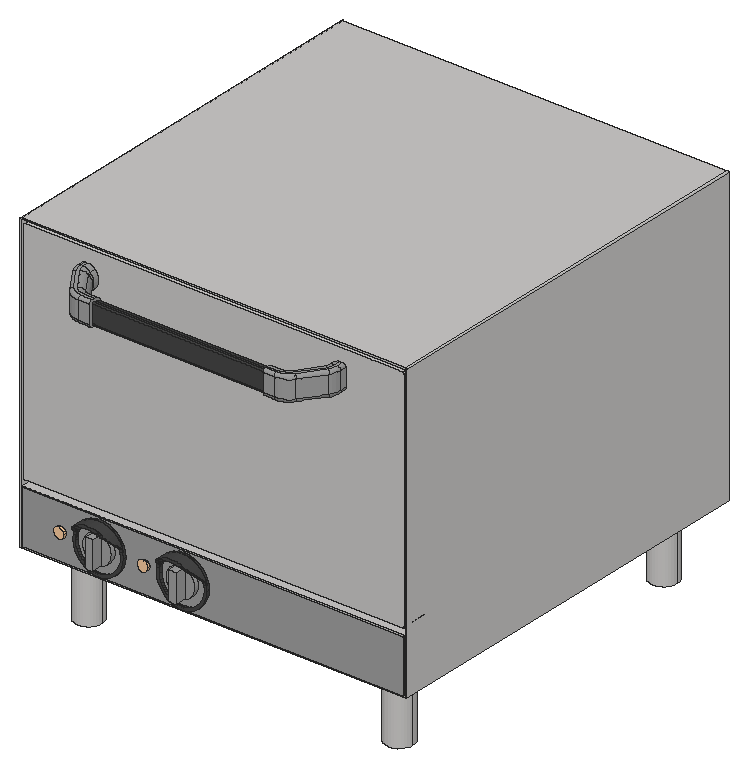
Revit family "QF_Vollrath_PBO4-208240_Pizza Oven", category Specialty Equipment, Revit 2021
Family settings
  Round Connector Dimension = Use Diameter
  Part Type = Normal
  OmniClass Number = 23.40.40.00
  OmniClass Title = Food Service Equipment and Furnishings
  Work Plane-Based = No
  Always vertical = Yes
  Cut with Voids When Loaded = No
  Shared = No
  Room Calculation Point = No
Parameters
  Weight in Pounds = 0
  Watts = 2700 W
  Watermarked By = ""
  Volts = 240 V
  URL Cutsheet = ""
  Status [instance] = ""
  Specification by User [instance] = ""
  Specification by Manufacturer [instance] = ""
  Serial Number [instance] = ""
  Revision Code [instance] = ""
  Phase = 0
  Number of Poles [instance] = 1
  NAFEM Spec ID Number [instance] = ""
  Model = "PBO4-208240"
  Min Ckt Ampacity = 20 A
  Max Overcurrent Protection = 0 A
  Masterspec [instance] = ""
  Manufacturer = "Vollrath"  # constant formula
  Item Number [instance] = "40848"
  Installed By [instance] = ""
  HP = ""
  Furnished By [instance] = ""
  Foodservice Equipment Identifier = yes
  FL Amps = 11.6 A
  Electrical Remarks [instance] = ""
  Electric Connection Type = ""
  Elec Conn RI Height [instance] = 0.000"
  Elec Conn Connection Height = 0.000"
  Description = "Pizza Oven"
  Default Elevation = 0.000"
  Cycle = 0 Hz
  Conn Plug = "NEMA 6-15P"
  Conn Conduit = yes
  CSI MasterFormat = ""
  Apparent Power = if(Phase = 3, Volts * FL Amps * 1.73, Volts * FL Amps)  # 2784 VA
Reference planes (in)
  plane 1 "BACK": y = 0
  plane 2: z = 0
  plane 3 "LEFT": x = -16.56573
  plane 4 "RIGHT": x = -4.56573
  plane 5 "FRONT": y = -12
  plane 6 "TOP": z = 24
Forms (in)
  Extrusion 1, solid, material "QF_Stainless-Polished"
    sketch origin (-35.96062, -2.63189, 0.7874) x (1, 0, 0) y (0, 0, 1)
      loop
        line (-11.478, 0) -> (11.478, 0) -> (11.478, 3.34) -> (-11.478, 3.34) -> (-11.478, 0)
    from 0 to -24.044
  Extrusion 2, solid, material "QF_Stainless-Polished"
    sketch origin (-35.96062, -2.63189, 0.79302) x (1, 0, 0) y (0, 0, 1)
      loop
        line (-11.561, 0.03937) -> (-11.47832, 0.03937) -> (-11.47832, 17.59029) -> (11.47832, 17.59029) -> (11.47832, 0.03937) -> (11.561, 0.03937) -> (11.561, 17.59423)
        arc (11.561, 17.59423) -> (11.53794, 17.64991) -> (11.48226, 17.67297) r 0.07874
        line (11.48226, 17.67297) -> (-11.48226, 17.67297)
        arc (-11.48226, 17.67297) -> (-11.53794, 17.64991) -> (-11.561, 17.59423) r 0.07874
        line (-11.561, 17.59423) -> (-11.561, 0.03937)
    from 0 to -24.044
  Extrusion 3, solid, material "QF_Stainless-Polished"
    sketch origin (-35.96062, 21.41211, 11.14101) x (-1, 0, 0) y (0, 0, 1)
      loop
        line (-11.561, -10.30862) -> (11.561, -10.30862) -> (11.561, 7.24624)
        arc (11.561, 7.24624) -> (11.53794, 7.30192) -> (11.48226, 7.32498) r 0.07874
        line (11.48226, 7.32498) -> (-11.48226, 7.32498)
        arc (-11.48226, 7.32498) -> (-11.53794, 7.30192) -> (-11.561, 7.24624) r 0.07874
        line (-11.561, 7.24624) -> (-11.561, -10.30862)
    from 0 to -0.43504
  Extrusion 4, solid, material "Render Material 128-128-128"
    sketch origin (-35.96456, -2.64173, 2.40158) x (1, 0, 0) y (0, 0, 1)
      loop
        arc (-11.34869, 1.63043) -> (-11.37653, 1.61889) -> (-11.38806, 1.59106) r 0.03937
        line (-11.38806, 1.59106) -> (-11.38806, -1.4794)
        arc (-11.38806, -1.4794) -> (-11.37653, -1.50724) -> (-11.34869, -1.51877) r 0.03937
        line (-11.34869, -1.51877) -> (11.35657, -1.51877)
        arc (11.35657, -1.51877) -> (11.38441, -1.50724) -> (11.39594, -1.4794) r 0.03937
        line (11.39594, -1.4794) -> (11.39594, 1.59106)
        arc (11.39594, 1.59106) -> (11.38441, 1.61889) -> (11.35657, 1.63043) r 0.03937
        line (11.35657, 1.63043) -> (-11.34869, 1.63043)
    from 0 to -0.00984
  Extrusion 5, solid, material "QF_Stainless-Polished"
    sketch origin (-35.96062, -2.58622, 4.65355) x (0, 0, 1) y (-1, 0, 0)
      loop
        arc (13.53577, 11.277) -> (13.50648, 11.34771) -> (13.43577, 11.377) r 0.1
        line (13.43577, 11.377) -> (-0.08414, 11.377)
        arc (-0.08414, 11.377) -> (-0.15485, 11.34771) -> (-0.18414, 11.277) r 0.1
        line (-0.18414, 11.277) -> (-0.18414, -11.277)
        arc (-0.18414, -11.277) -> (-0.15485, -11.34771) -> (-0.08414, -11.377) r 0.1
        line (-0.08414, -11.377) -> (13.43577, -11.377)
        arc (13.43577, -11.377) -> (13.50648, -11.34771) -> (13.53577, -11.277) r 0.1
        line (13.53577, -11.277) -> (13.53577, 11.277)
    from 0 to -1.5
  Extrusion 6, solid, material "QF_Stainless-Polished"
    sketch origin (-35.96062, -2.58622, 4.65355) x (0, 0, 1) y (-1, 0, 0)
      loop
        line (13.65524, 11.47832) -> (-0.6378, 11.47832) -> (-0.6378, -11.47832) -> (13.65524, -11.47832) -> (13.65524, 11.47832)
    from -1.75 to -2.25
  Extrusion 7, void
    sketch origin (-35.96062, -2.58622, 4.65355) x (0, 0, 1) y (-1, 0, 0)
      loop
        arc (11.68605, 8.644) -> (11.39315, 9.35111) -> (10.68605, 9.644) r 1
        line (10.68605, 9.644) -> (2.53005, 9.644)
        arc (2.53005, 9.644) -> (1.82294, 9.35111) -> (1.53005, 8.644) r 1
        line (1.53005, 8.644) -> (1.53005, -8.644)
        arc (1.53005, -8.644) -> (1.82294, -9.35111) -> (2.53005, -9.644) r 1
        line (2.53005, -9.644) -> (10.68605, -9.644)
        arc (10.68605, -9.644) -> (11.39315, -9.35111) -> (11.68605, -8.644) r 1
        line (11.68605, -8.644) -> (11.68605, 8.644)
    from -1.75 to -2.25
  Extrusion 8, solid, material "Render Material 0-0-0"
    sketch origin (-27.62962, -5.00964, -19.55938) x (0, 0, 1) y (0, 1, 0)
      loop
        line (35.69706, -0.24037) -> (36.7758, -0.24037)
        arc (36.7758, -0.24037) -> (36.81672, -0.22341) -> (36.83368, -0.18249) r 0.05787
        line (36.83368, -0.18249) -> (36.83368, -0.01543)
        arc (36.83368, -0.01543) -> (36.79083, 0.15467) -> (36.67796, 0.28894) r 0.39121
        arc (36.67796, 0.28894) -> (36.23643, 0.43665) -> (35.7949, 0.28894) r 0.73374
        arc (35.7949, 0.28894) -> (35.68824, 0.16717) -> (35.63919, 0.01291) r 0.39619
        line (35.63919, 0.01291) -> (35.63919, -0.18249)
        arc (35.63919, -0.18249) -> (35.65614, -0.22341) -> (35.69706, -0.24037) r 0.05787
    from 3.15171 to 13.5103
  Sweep 9, solid, material "Render Material 128-128-128"
    path origin (-30.77378, -5.19005, 17.27429) x (0, 1, 0) y (-1, 0, 0)
      loop
        line (0.27508, 10.36614) -> (0.27508, 11.03823)
        arc (0.27508, 11.03823) -> (0.34626, 11.32909) -> (0.5437, 11.55423) r 0.62992
        line (0.5437, 11.55423) -> (1.86239, 12.47758)
        arc (1.86239, 12.47758) -> (2.03423, 12.56233) -> (2.2236, 12.59147) r 0.62975
        line (2.2236, 12.59147) -> (2.60383, 12.59147)
    profile origin (-41.47596, -4.91496, 17.27429) x (0, -1, 0) y (0, 0, 1)
      loop
        arc (0.46004, -0.05787) -> (0.40648, 0.07144) -> (0.27717, 0.125) r 0.18287
        line (0.27717, 0.125) -> (0.1089, 0.125)
        arc (0.1089, 0.125) -> (-0.11631, 0.06875) -> (-0.2941, -0.0805) r 0.51621
        arc (-0.2941, -0.0805) -> (-0.46698, -0.59724) -> (-0.2941, -1.11399) r 0.85874
        arc (-0.2941, -1.11399) -> (-0.13094, -1.25597) -> (0.07582, -1.31949) r 0.52119
        line (0.07582, -1.31949) -> (0.27717, -1.31949)
        arc (0.27717, -1.31949) -> (0.40648, -1.26593) -> (0.46004, -1.13661) r 0.18287
        line (0.46004, -1.13661) -> (0.46004, -0.05787)
  Extrusion 10, solid, material "Render Material 128-128-128"
    sketch origin (-42.41915, -2.64173, 2.95128) x (0, 0, 1) y (-1, 0, 0)
      loop
        circle (-0.48819, 0.29528) r 0.85571
    from 0 to 0.22793
  Extrusion 11, solid, material "Render Material 128-128-128"
    sketch origin (-42.41915, -2.86966, 2.95128) x (0, 0, 1) y (-1, 0, 0)
      loop
        line (0.33705, 0.52162) -> (-1.31342, 0.52162)
        arc (-1.31342, 0.52162) -> (-1.3439, 0.29528) -> (-1.31342, 0.06893) r 0.85571
        line (-1.31342, 0.06893) -> (0.33705, 0.06893)
        arc (0.33705, 0.06893) -> (0.36752, 0.29528) -> (0.33705, 0.52162) r 0.85571
    from 0 to 0.589
  Extrusion 12, solid, material "Render Material 255-191-127"
    sketch origin (-34.96639, -2.64173, 2.46309) x (1, 0, 0) y (0, 0, 1)
      loop
        circle (-10.11385, 0) r 0.30846
    from 0 to 0.125
  Extrusion 13, solid, material "Render Material 255-191-127"
    sketch origin (-29.96639, -2.64173, 2.46309) x (1, 0, 0) y (0, 0, 1)
      loop
        circle (-10.11385, 0) r 0.30846
    from 0 to 0.125
  Extrusion 14, solid, material "Render Material 0-0-0"
    sketch origin (-34.96639, -2.64173, 2.46309) x (1, 0, 0) y (0, 0, 1)
      loop
        circle (-7.74804, 0) r 1.51094
      loop
        circle (-7.74804, 0) r 1.34265
    from 0 to 0.14843
  Extrusion 15, solid, material "Render Material 0-0-0"
    sketch origin (-29.96639, -2.64173, 2.46309) x (1, 0, 0) y (0, 0, 1)
      loop
        circle (-7.74804, 0) r 1.51094
      loop
        circle (-7.74804, 0) r 1.34265
    from 0 to 0.14843
  Extrusion 16, solid, material "Render Material 0-0-0"
    sketch origin (-29.96639, -2.79016, 2.46309) x (1, 0, 0) y (0, 0, 1)
      loop
        line (-9.25897, 0) -> (-9.09068, 0)
        arc (-9.09068, 0) -> (-7.74804, 1.34265) -> (-6.40539, 0) r 1.34265
        line (-6.40539, 0) -> (-6.2371, 0)
        arc (-6.2371, 0) -> (-7.74804, 1.51094) -> (-9.25897, 0) r 1.51094
    from 0 to 1.10798
  Extrusion 17, void
    sketch origin (-37.71442, -2.79016, 3.97403) x (0, 0, 1) y (0, 1, 0)
      loop
        line (0, -0.75) -> (-0.22907, -0.75)
        arc (-0.22907, -0.75) -> (-0.33223, -0.72695) -> (-0.41578, -0.66219) r 0.24242
        line (-0.41578, -0.66219) -> (-0.99562, -0.08236)
        arc (-0.99562, -0.08236) -> (-1.10738, -0.02117) -> (-1.23302, 0) r 0.38334
        line (-1.23302, 0) -> (-1.51094, 0) -> (-1.51094, -1.10798) -> (0, -1.10798) -> (0, -0.75)
    from -2.05456 to 1.66177
  Extrusion 18, solid, material "Render Material 128-128-128"
    sketch origin (-37.41915, -2.64173, 2.95128) x (0, 0, 1) y (-1, 0, 0)
      loop
        circle (-0.48819, 0.29528) r 0.85571
    from 0 to 0.22793
  Extrusion 19, solid, material "Render Material 128-128-128"
    sketch origin (-37.41915, -2.86966, 2.95128) x (0, 0, 1) y (-1, 0, 0)
      loop
        line (0.33705, 0.52162) -> (-1.31342, 0.52162)
        arc (-1.31342, 0.52162) -> (-1.3439, 0.29528) -> (-1.31342, 0.06893) r 0.85571
        line (-1.31342, 0.06893) -> (0.33705, 0.06893)
        arc (0.33705, 0.06893) -> (0.36752, 0.29528) -> (0.33705, 0.52162) r 0.85571
    from 0 to 0.589
  Extrusion 20, solid, material "QF_Stainless-Polished"
    sketch origin (-22.19104, 16.76205, 0.7874) x (0, -1, 0) y (-1, 0, 0)
      loop
        circle (-2.65005, 23.06008) r 0.8147
    from 0 to 4
  Extrusion 21, solid, material "QF_Stainless-Polished"
    sketch origin (-22.19104, -2.98195, 0.7874) x (0, -1, 0) y (-1, 0, 0)
      loop
        circle (-2.65005, 23.06008) r 0.8147
    from 0 to 4
  Extrusion 22, solid, material "QF_Stainless-Polished"
    sketch origin (-3.61004, -2.98195, 0.7874) x (0, -1, 0) y (-1, 0, 0)
      loop
        circle (-2.65005, 23.06008) r 0.8147
    from 0 to 4
  Extrusion 23, solid, material "QF_Stainless-Polished"
    sketch origin (-3.61004, 16.76205, 0.7874) x (0, -1, 0) y (-1, 0, 0)
      loop
        circle (-2.65005, 23.06008) r 0.8147
    from 0 to 4
  Extrusion 24, solid, material "QF_Stainless-Polished"
    sketch origin (-39.69542, 0.23493, -3.69757) x (0, 0, 1) y (0, -1, 0)
      loop
        arc (19.72836, -21.30268) -> (19.74681, -21.25813) -> (19.79136, -21.23968) r 0.063
        line (19.79136, -21.23968) -> (20.22836, -21.23968) -> (20.22836, -21.17718) -> (19.80257, -21.17718)
        arc (19.80257, -21.17718) -> (19.70632, -21.2097) -> (19.66536, -21.30268) r 0.126
        line (19.66536, -21.30268) -> (19.66536, -22.55118)
        arc (19.66536, -22.55118) -> (19.64691, -22.59573) -> (19.60236, -22.61418) r 0.063
        line (19.60236, -22.61418) -> (18.60436, -22.61418)
        arc (18.60436, -22.61418) -> (18.55981, -22.59573) -> (18.54136, -22.55118) r 0.063
        line (18.54136, -22.55118) -> (18.54136, -21.30268)
        arc (18.54136, -21.30268) -> (18.5004, -21.2097) -> (18.40415, -21.17718) r 0.126
        line (18.40415, -21.17718) -> (17.97836, -21.17718) -> (17.97836, -21.23968) -> (18.41536, -21.23968)
        arc (18.41536, -21.23968) -> (18.45991, -21.25813) -> (18.47836, -21.30268) r 0.063
        line (18.47836, -21.30268) -> (18.47836, -22.55118)
        arc (18.47836, -22.55118) -> (18.51526, -22.64027) -> (18.60436, -22.67718) r 0.126
        line (18.60436, -22.67718) -> (19.60236, -22.67718)
        arc (19.60236, -22.67718) -> (19.69146, -22.64027) -> (19.72836, -22.55118) r 0.126
        line (19.72836, -22.55118) -> (19.72836, -21.30268)
    from -4.75 to -6.5
  Extrusion 25, solid, material "Render Material 0-0-0"
    sketch origin (-34.96245, 21.41211, 0.85454) x (-1, 0, 0) y (0, 0, 1)
      loop
        line (7.90314, 1.72737) -> (7.90314, 1.60237)
        arc (7.90314, 1.60237) -> (7.84105, 1.28937) -> (7.90314, 0.97637) r 0.81996
        line (7.90314, 0.97637) -> (7.90314, 0.85137) -> (8.46564, 0.85137)
        arc (8.46564, 0.85137) -> (8.79012, 1.28937) -> (8.46564, 1.72737) r 0.45786
        line (8.46564, 1.72737) -> (7.90314, 1.72737)
    from 0 to 0.125
  Extrusion 26, solid, material "Render Material 0-0-0"
    sketch origin (-34.96639, -2.79016, 2.46309) x (1, 0, 0) y (0, 0, 1)
      loop
        line (-9.25897, 0) -> (-9.09068, 0)
        arc (-9.09068, 0) -> (-7.74804, 1.34265) -> (-6.40539, 0) r 1.34265
        line (-6.40539, 0) -> (-6.2371, 0)
        arc (-6.2371, 0) -> (-7.74804, 1.51094) -> (-9.25897, 0) r 1.51094
    from 0 to 1.10798
  Extrusion 27, void
    sketch origin (-42.71442, -2.79016, 3.97403) x (0, 0, 1) y (0, 1, 0)
      loop
        line (0, -0.75) -> (-0.22907, -0.75)
        arc (-0.22907, -0.75) -> (-0.33223, -0.72695) -> (-0.41578, -0.66219) r 0.24242
        line (-0.41578, -0.66219) -> (-0.99562, -0.08236)
        arc (-0.99562, -0.08236) -> (-1.10738, -0.02117) -> (-1.23302, 0) r 0.38334
        line (-1.23302, 0) -> (-1.51094, 0) -> (-1.51094, -1.10798) -> (0, -1.10798) -> (0, -0.75)
    from -2.05456 to 1.66177
  Sweep 28, solid, material "Render Material 128-128-128"
    path origin (-41.14747, -5.19005, 17.27429) x (0, 1, 0) y (-1, 0, 0)
      loop
        line (0.27508, -10.36614) -> (0.27508, -11.03823)
        arc (0.27508, -11.03823) -> (0.34626, -11.32909) -> (0.5437, -11.55423) r 0.62992
        line (0.5437, -11.55423) -> (1.86239, -12.47758)
        arc (1.86239, -12.47758) -> (2.03423, -12.56233) -> (2.2236, -12.59147) r 0.62975
        line (2.2236, -12.59147) -> (2.60383, -12.59147)
    profile origin (-30.44529, -4.91496, 17.27429) x (0, 1, 0) y (0, 0, 1)
      loop
        line (-0.46004, -0.05787) -> (-0.46004, -1.13661)
        arc (-0.46004, -1.13661) -> (-0.40648, -1.26593) -> (-0.27717, -1.31949) r 0.18287
        line (-0.27717, -1.31949) -> (-0.07582, -1.31949)
        arc (-0.07582, -1.31949) -> (0.13094, -1.25597) -> (0.2941, -1.11399) r 0.52119
        arc (0.2941, -1.11399) -> (0.46698, -0.59724) -> (0.2941, -0.0805) r 0.85874
        arc (0.2941, -0.0805) -> (0.11631, 0.06875) -> (-0.1089, 0.125) r 0.51621
        line (-0.1089, 0.125) -> (-0.27717, 0.125)
        arc (-0.27717, 0.125) -> (-0.40648, 0.07144) -> (-0.46004, -0.05787) r 0.18287
  Extrusion 29, solid, material "QF_Stainless-Polished"
    sketch origin (-32.22582, 0.23493, -3.69757) x (0, 0, 1) y (0, 1, 0)
      loop
        line (19.72836, 21.30268) -> (19.72836, 22.55118)
        arc (19.72836, 22.55118) -> (19.69146, 22.64027) -> (19.60236, 22.67718) r 0.126
        line (19.60236, 22.67718) -> (18.60436, 22.67718)
        arc (18.60436, 22.67718) -> (18.51526, 22.64027) -> (18.47836, 22.55118) r 0.126
        line (18.47836, 22.55118) -> (18.47836, 21.30268)
        arc (18.47836, 21.30268) -> (18.45991, 21.25813) -> (18.41536, 21.23968) r 0.063
        line (18.41536, 21.23968) -> (17.97836, 21.23968) -> (17.97836, 21.17718) -> (18.40415, 21.17718)
        arc (18.40415, 21.17718) -> (18.5004, 21.2097) -> (18.54136, 21.30268) r 0.126
        line (18.54136, 21.30268) -> (18.54136, 22.55118)
        arc (18.54136, 22.55118) -> (18.55981, 22.59573) -> (18.60436, 22.61418) r 0.063
        line (18.60436, 22.61418) -> (19.60236, 22.61418)
        arc (19.60236, 22.61418) -> (19.64691, 22.59573) -> (19.66536, 22.55118) r 0.063
        line (19.66536, 22.55118) -> (19.66536, 21.30268)
        arc (19.66536, 21.30268) -> (19.70632, 21.2097) -> (19.80257, 21.17718) r 0.126
        line (19.80257, 21.17718) -> (20.22836, 21.17718) -> (20.22836, 21.23968) -> (19.79136, 21.23968)
        arc (19.79136, 21.23968) -> (19.74681, 21.25813) -> (19.72836, 21.30268) r 0.063
    from -4.75 to -6.5
Cuts and joins
  Extrusion 7 cuts Extrusion 5
  Extrusion 7 cuts Extrusion 6
  Extrusion 17 cuts Extrusion 14
  Extrusion 17 cuts Extrusion 10
  Extrusion 17 cuts Extrusion 11
  Extrusion 17, Extrusion 27 cuts Extrusion 15
  Extrusion 17, Extrusion 27 cuts Extrusion 16
  Extrusion 27 cuts Extrusion 18
  Extrusion 27 cuts Extrusion 19
  Extrusion 27 cuts Extrusion 26
  joined: Extrusion 2, Extrusion 3
Dimensions and locks (in)
  aligned and locked: level to plane 2
Connectors (in)
  electrical at (-43.05309, 21.53711, 2.14391)
    settings: on Extrusion 25, index 1, voltage 240 V, apparent load 0 VA, apparent load phase1 11.6 VA, apparent load phase2 0 VA, apparent load phase3 0 VA, power factor 1, load classification "Other", number of poles 1, system type 31, power factor state 1, is connector primary yes, connector utility no, sub classification motor no, connector description ""
